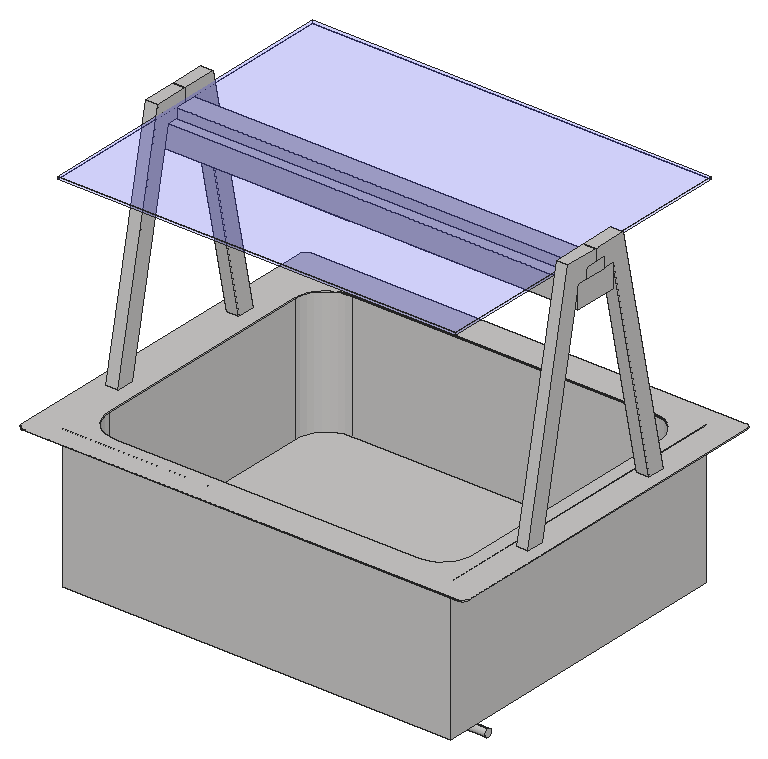
Revit family "QF_ELECTROLUXPROFESSIONAL_341162_D01C2", category Specialty Equipment, Revit 2023
Family settings
  Round Connector Dimension = Use Diameter
  Part Type = Normal
  Work Plane-Based = No
  Enable Cutting in Views = No
  Always vertical = Yes
  Cut with Voids When Loaded = No
  Maintain Annotation Orientation = No
  Shared = No
  Room Calculation Point = No
Parameters (values of type "Standard")
  Weight = 37.36 kg
  Watts = 0 W
  Volts = 220 V
  URL Manufacturer = "http://www.electroluxprofessional.com"
  URL = "http://www.electroluxprofessional.com"
  Steam Supply Size = 0 mm
  Steam Supply Minimum Pressure = 0.0 Pa
  Steam Supply Maximum Pressure = 0.0 Pa
  Steam Consumption per Hour = 0
  Refrigeration Suction Line Size = 0 mm
  Refrigeration Liquid Line Size = 0 mm
  Refrigerant Compressor Remote = yes
  Default Elevation = 0 mm
  Manufacturer = "Electrolux Professional"
  Phase = 1
  Model = "D01C2"
  Length Actual = 770 mm
  Item Number = "341162"
  Hot Water Size = 0 mm
  Height Actual = 664 mm
  HP = "2.7 HP"
  Gas Size = 0 mm
  Gas KW = 0
  Gas Input Pressure = 0 W
  Direct Waste Size = 25.4 mm
  Description = "DROP-IN BAIN-MARIE, WATER, SINGLE WELL, 2GN WITH A TYPE OVERSHELF AND HALOGEN LAMP"
  Depth Actual = 620 mm
  Cycle = 50 Hz
  Condensate Return Size = 0 mm
  Compressed Air Volume = 0.0 L/s
  Compressed Air Size = 0 mm
  Compressed Air Pressure = 0.0 Pa
  Cold Water Size = 12.7 mm
  Accessory = no
Reference planes
  plane 1 "BACK": y = 0
  plane 2: z = 5.426
  plane 3 "LEFT": x = 0
  plane 4: y = -620
  plane 5: z = 409.426
  plane 6: y = -310
Forms (mm)
  Extrusion 1, solid, material "QF_Finishes_Stainless Steel"
    sketch origin (-650, 0, 5.426) x (1, 0, 0) y (0, 1, 0)
      loop
        arc (660, 0) -> (652.929, -2.929) -> (650, -10) r 10
        line (650, -10) -> (650, -610)
        arc (650, -610) -> (652.929, -617.071) -> (660, -620) r 10
        line (660, -620) -> (1410, -620)
        arc (1410, -620) -> (1417.071, -617.071) -> (1420, -610) r 10
        line (1420, -610) -> (1420, -10)
        arc (1420, -10) -> (1417.071, -2.929) -> (1410, 0) r 10
        line (1410, 0) -> (660, 0)
    from 0 to 1
  Extrusion 2, solid, material "QF_Finishes_Stainless Steel"
    sketch origin (0, 0, 12.548) x (1, 0, 0) y (0, 1, 0)
      loop
        line (50, -35) -> (50, -585) -> (720, -585) -> (720, -35) -> (50, -35)
    from -251.122 to -7.122
  Extrusion 3, void
    sketch origin (0, 0, -2.817) x (1, 0, 0) y (0, 1, 0)
      loop
        arc (125, -55) -> (86.109, -71.109) -> (70, -110) r 55
        line (70, -110) -> (70, -510)
        arc (70, -510) -> (86.109, -548.891) -> (125, -565) r 55
        line (125, -565) -> (644.507, -565)
        arc (644.507, -565) -> (683.398, -548.891) -> (699.507, -510) r 55
        line (699.507, -510) -> (699.507, -110)
        arc (699.507, -110) -> (683.398, -71.109) -> (644.507, -55) r 55
        line (644.507, -55) -> (125, -55)
    from -209.107 to 9.244
  Extrusion 4, solid, material "QF_Finishes_Stainless Steel"
    sketch origin (21.5, -620, 0) x (0, -1, 0) y (0, 0, -1)
      loop
        line (-310, -409.426) -> (-250.873, -409.426) -> (-165, -5.426) -> (-195, -5.426) -> (-272.583, -370.426) -> (-310, -370.426) -> (-310, -409.426)
    from 0 to 20
  Extrusion 5, solid, material "QF_Finishes_Stainless Steel"
    sketch origin (21.5, 0, 0) x (0, 1, 0) y (0, 0, 1)
      loop
        line (-310, 409.426) -> (-310, 370.426) -> (-272.583, 370.426) -> (-195, 5.426) -> (-165, 5.426) -> (-250.873, 409.426) -> (-310, 409.426)
    from 0 to 20
  Extrusion 6, solid, material "QF_Finishes_Stainless Steel"
    sketch origin (749, -620, 0) x (0, -1, 0) y (0, 0, 1)
      loop
        line (-310, 409.426) -> (-310, 370.426) -> (-272.583, 370.426) -> (-195, 5.426) -> (-165, 5.426) -> (-250.873, 409.426) -> (-310, 409.426)
    from 0 to 20
  Extrusion 7, solid, material "QF_Finishes_Stainless Steel"
    sketch origin (749, 0, 0) x (0, 1, 0) y (0, 0, -1)
      loop
        line (-310, -409.426) -> (-250.873, -409.426) -> (-165, -5.426) -> (-195, -5.426) -> (-272.583, -370.426) -> (-310, -370.426) -> (-310, -409.426)
    from 0 to 20
  Extrusion 8, solid, material "QF_Finishes_Stainless Steel"
    sketch origin (0, 0, 0) x (0, 1, 0) y (0, 0, 1)
      loop
        line (-291.292, 370.426) -> (-291.292, 387.956) -> (-328.917, 387.956) -> (-328.917, 370.426) -> (-291.292, 370.426)
    from 21.5 to 749
  Extrusion 9, solid, material "Vetro"
    sketch origin (-15.44, 0, 5.426) x (1, 0, 0) y (0, 1, 0)
      loop
        line (56.94, -35) -> (56.94, -585) -> (744.44, -585) -> (744.44, -35) -> (56.94, -35)
    from 382.529 to 387.529
  Extrusion 10, solid, material "QF_Finishes_Stainless Steel"
    sketch origin (282.889, -331.346, -643.387) x (0, 0, -1) y (0, 1, 0)
      loop
        circle (-372.814, -140.692) r 12.7
    from 5 to 70.307
  Extrusion 11, solid, material "QF_Finishes_Stainless Steel"
    sketch origin (0, 0, 0) x (0, 1, 0) y (0, 0, 1)
      loop
        line (-272.583, 370.426) -> (-347.583, 370.426) -> (-347.583, 330.426) -> (-272.583, 330.426) -> (-272.583, 370.426)
    from 21.5 to 749
  Extrusion 12, solid, material "QF_Finishes_Stainless Steel"
    sketch origin (34.947, 0, 0) x (0, 1, 0) y (0, 0, 1)
      loop
        line (-280.414, 330.426) -> (-340.414, 330.426) -> (-340.414, 325.426) -> (-280.414, 325.426) -> (-280.414, 330.426)
    from 113.553 to 313.553
  Extrusion 13, solid, material "QF_Finishes_Stainless Steel"
    sketch origin (769.053, 0, 0) x (0, 1, 0) y (0, 0, -1)
      loop
        line (-280.414, -330.426) -> (-280.414, -325.426) -> (-340.414, -325.426) -> (-340.414, -330.426) -> (-280.414, -330.426)
    from 113.553 to 313.553
  Extrusion 14, solid, material "QF_Finishes_Stainless Steel"
    sketch origin (-46, 10, 5.426) x (1, 0, 0) y (0, 1, 0)
      loop
        circle (386.025, -481.971) r 12.675
    from -276 to -244
  Extrusion 15, solid, material "QF_Finishes_Stainless Steel"
    sketch origin (736.957, -635.692, -643.387) x (0, 0, -1) y (0, -1, 0)
      loop
        circle (-372.814, -140.692) r 6.35
    from 24.768 to 70.307
  Extrusion 16, solid, material "QF_Finishes_Stainless Steel"
    sketch origin (1059.025, -976.971, 5.426) x (-1, 0, 0) y (0, -1, 0)
      loop
        circle (386.025, -481.971) r 6.35
    from -276 to -244
Cuts and joins
  Extrusion 3 cuts Extrusion 1
  Extrusion 3 cuts Extrusion 2
Dimensions and locks
  equal spacing: Extrusion 1, Extrusion 2 sketch curve, Extrusion 2 sketch curve, Extrusion 1  (x2)
  Extrusion 1 to Extrusion 1 = 770 mm
  Extrusion 1 to plane 1 "BACK" = 620 mm
  equal spacing: Extrusion 2, Extrusion 3 sketch curve, Extrusion 3 sketch curve, Extrusion 2  (x2)
  plane 5 to plane 2 = 404 mm
  Extrusion 11 sketch curve to cut or joined group of Extrusion 1, Extrusion 3 = 324 mm
  aligned and locked: level to plane 2
Connectors
  piping at (287.889, -472.038, -270.574), diameter 25.4
    settings: on Extrusion 10, index 5, connector inside diameter 609.6 mm, connector length 0 mm, flow factor 0, pipe flow 0.0 L/s, pressure drop 0.0 Pa, fitting loss kfactor 0, connector angle 0.00°, fixture units 0, engagement length 0 mm, angle of deflection 0.00°, flow configuration 0, flow direction 0, fitting loss method 0, system type 29, joint type 0, gender type 0, connector reference index -1, connector utility 0, adjustable connector no, is connector primary yes, connector description "D"
  piping at (712.188, -495, -270.574), diameter 12.7
    settings: on Extrusion 15, index 6, connector inside diameter 609.6 mm, connector length 0 mm, flow factor 0, pipe flow 0.0 L/s, pressure drop 0.0 Pa, fitting loss kfactor 0, connector angle 0.00°, fixture units 0, engagement length 0 mm, angle of deflection 0.00°, flow configuration 0, flow direction 0, fitting loss method 0, system type 29, joint type 0, gender type 0, connector reference index -1, connector utility 0, adjustable connector no, is connector primary no, connector description "WI"
